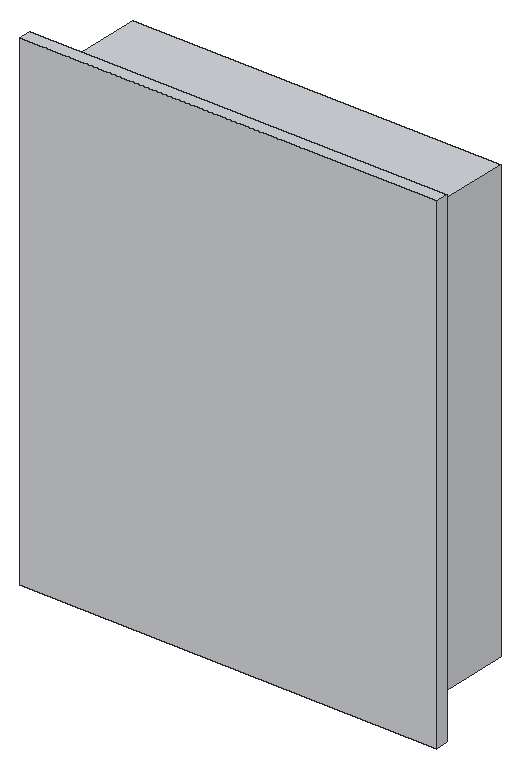
Revit family "Medicine Cabinet", category Generic Models, Revit 2019
Family settings
  Can host rebar = No
  Round Connector Dimension = Use Diameter
  Part Type = Normal
  Work Plane-Based = No
  Always vertical = Yes
  Cut with Voids When Loaded = No
  Shared = No
  Room Calculation Point = No
Parameters (values of type "Generic")
  Width = 1' - 3"
  Height = 1' - 6"
  Depth = 0' - 4"
Reference planes (in)
  plane 1 "Center (Front/Back)": y = 0
  plane 2: z = 0
  plane 3 "Center (Left/Right)": x = 0
Forms (in)
  Extrusion 1, solid
    sketch origin (0, 0, 0) x (1, 0, 0) y (0, 0, 1)
      loop
        line (-7.5, 18) -> (-7.5, 0) -> (7.5, 0) -> (7.5, 18) -> (-7.5, 18)
    from -4 to 0
  Extrusion 2, solid
    sketch origin (0, 0, 0) x (1, 0, 0) y (0, 0, 1)
      loop
        line (-8.5, 19) -> (-8.5, -1) -> (8.5, -1) -> (8.5, 19) -> (-8.5, 19)
    from 0 to 0.5
Dimensions and locks (in)
  equal spacing: Extrusion 1 sketch curve, plane 3 "Center (Left/Right)", Extrusion 1 sketch curve
  "Width": Extrusion 1 sketch curve to Extrusion 1 sketch curve
  "Height": Extrusion 1 sketch curve to Extrusion 1 sketch curve
  "Depth": Extrusion 1 to plane 1 "Center (Front/Back)"
  locked: Extrusion 2 sketch curve to Extrusion 1 at 1
  locked: Extrusion 1 to Extrusion 2 sketch curve at 1  (x3)
  locked: plane 1 "Center (Front/Back)" to Extrusion 2 at 0.5
  aligned and locked: plane 2 to level
  aligned and locked: plane 1 "Center (Front/Back)" to Extrusion 1
  aligned and locked: Extrusion 1 to level
Automatic sketch dimensions
  Extrusion 1 sketch curve to level = 0' - 0"
